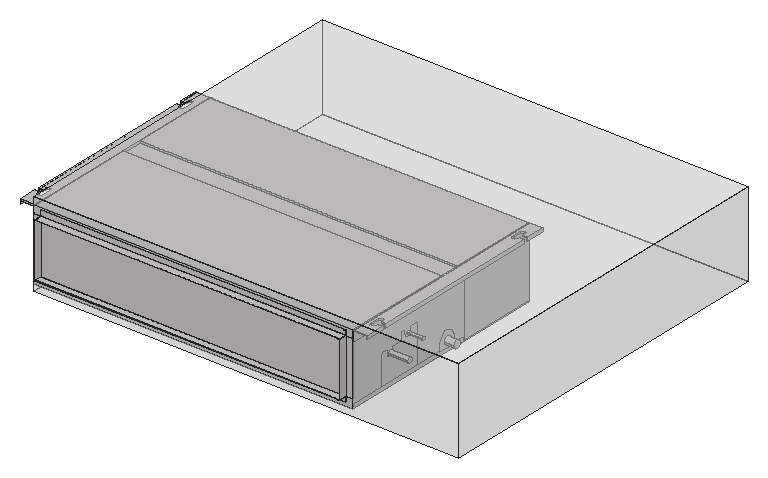
Revit family "outputfile", category 機械設備, Revit 2024
Family settings
  丸型コネクタ寸法 = 半径を使用
  パーツ タイプ = 標準
  OmniClass 番号 = 23.75.10.24.21.27.27
  OmniClass タイトル = Split System Air Conditioning Units
  作業面ベース = いいえ
  常に垂直 = はい
  ロード時にボイドで切り取り = いいえ
  注釈の向きを維持 = いいえ
  共有 = いいえ
  部屋計算ポイント = はい
Parameters (values of type "CDKS50CVMA")
  Description = ""
  書き出し IFC クラス(タイプ) = "IfcUnitaryEquipmentType"
  定義済み IFC タイプ(タイプ) = "AIRCONDITIONINGUNIT"
  Cost = 0
  Type Comments = ""
  Keynote = ""
  Type Image = (empty or 0)
  Assembly Code = ""
  switch_frequency = yes
  ld_powersupply = Depth / 2  # 310.0 mm
  製造元 = "Daikin"
  モデル = "CDKS50CVMA"
  r_Liquid Pipe Size = Liquid Pipe Size / 2  # 3.2 mm
  r_Gas Pipe Size = Gas Pipe Size / 2  # 6.35 mm
  r_Drain Pipe Size = Drain Pipe Size / 2  # 10.0 mm
  lw_powersupply = 50.0 mm  # constant formula
  lw_ductflange2 = 820.0 mm
  lw_Width = 860.0 mm
  lh_suctionflange [instance] = 100.0 mm  # constant formula
  ld_suctionflange [instance] = if(Rear Connection_Return Air, 190.0 mm, 100.0 mm)  # 190.0 mm
  connector_voltage = Voltage_50Hz  # 230 V
  connector_powerinput = [Power Input (Cooling)]  # 0.000 kW
  connector_phase = Phase_50Hz  # 1
  angle_vertical_RA [instance] = if(Rear Connection_Return Air, 90.00°, 0.00°)  # 90.00°
  angle horizontal_RA [instance] = if(Rear Connection_Return Air, 180.00°, 270.00°)  # 180.00°
  Voltage_comment_50Hz = "220 - 240"
  Voltage_50Hz = 230 V
  URL = ""
  Supply Air Direction [instance] = yes
  Sound Power Level_H speed (dB) = 0
  Rear Connection_Return Air [instance] = not(Bottom Connection_Return Air)  # yes
  RA_length [instance] = if(Rear Connection_Return Air, 190.0 mm, 100.0 mm)  # 190.0 mm
  Phase_50Hz = 1
  Minimum External Static Pressure = 0.00 Pa
  Minimum Circuit Amps_50Hz = 0.0 A
  Maximum Fuse Amps_50Hz = 0.0 A
  Maximum External Static Pressure = 40.00 Pa
  Material_Casing = DAIKIN_GalvanizedSteel_Casing_indoorunit
  lw_liquidpipe = 46.0 mm  # constant formula
  lw_gaspipe = 57.0 mm  # constant formula
  lw_mountinghole = 940.0 mm
  lw_drainpipe = 30.0 mm  # constant formula
  lh_powersupply = 150.0 mm  # constant formula
  lh_liquidpipe = 90.0 mm  # constant formula
  lh_gaspipe = 113.0 mm  # constant formula
  lh_mountinghole = Height  # 200.0 mm
  lh_drainpipe = 170.0 mm  # constant formula
  lh_antena = 1.0 mm  # constant formula
  ld_liquidpipe = 193.0 mm  # constant formula
  ld_gaspipe = 130.0 mm  # constant formula
  ld_mountinghole = 500.0 mm  # constant formula
  ld_drainpipe = 330.0 mm  # constant formula
  ld_controlbox = 626.0 mm  # constant formula
  h*** = 0.0 mm  # constant formula
  d_dischargeflange = 21.2 mm  # constant formula
  Width = 900.0 mm
  Version = "ver.1.0"
  Unit Type = "Duct (L.S.P)"
  Unit Mass Weight = 27.00 kg
  Unit Designation [instance] = ""
  Uniclass2015Version = "Products v1.30"
  Uniclass2015Title = "Split coil room air conditioning units"
  Uniclass2015Code = "Pr_70_65_03_86"
  Total Cooling Capacity [instance] = 0.000 kW
  Sound Pressure Level_M speed (dBA) = 35
  Sound Pressure Level_L speed (dBA) = 33
  Sound Pressure Level_H speed (dBA) = 37
  Series = "Multi Split_Fan Coil Unit"
  Sensible Cooling Capacity [instance] = 0.000 kW
  SA Duct Size Width = 860.0 mm
  SA Duct Size Height = 153.0 mm
  Refrigerant Type = "R410A"
  RA Duct Size Width = 780.0 mm
  RA Duct Size Height = 160.0 mm
  Power Input (Cooling) = 0.000 kW
  Option Accessory 3 [instance] = ""
  Option Accessory 2 [instance] = ""
  Option Accessory 1 [instance] = ""
  Nominal Cooling Capacity = 5.000 kW
  Minimum Airflow = 600.00 m³/h
  Median Airflow = 660.00 m³/h
  Maximum Airflow = 720.00 m³/h
  Load Classification = HVAC
  Liquid Pipe Size = 6.4 mm
  Link_Nested Family [instance] = ""
  IfcVersion = ""
  IfcExportType = "AIRCONDITIONINGUNIT"
  IfcExportAs = "IfcUnitaryEquipmentType"
  Height = 200.0 mm
  Heat Exchanger Type = "Cross Fin Coil"
  Gas Pipe Size = 12.7 mm
  Frequency_50Hz = 50 Hz
  Fan Type = "Sirocco Fan"
  Fan Drive = "Direct Drive"
  FCU Tag No. [instance] = ""
  Drain Pipe Size = 20.0 mm
  Design Supply Airflow [instance] = 0.00 m³/h
  Design Return Airflow [instance] = 0.00 m³/h
  Design External Static Pressure [instance] = 0.00 Pa
  Depth = 620.0 mm
  既定の高さ = 0.0 mm
  Cooling Entering Wet Bulb Temperature [instance] = 0.00 °C
  Cooling Entering Dry Bulb Temperature [instance] = 0.00 °C
  Cooling Ambient Wet Bulb Temperature [instance] = 0.00 °C
  Cooling Ambient Dry Bulb Temperature [instance] = 0.00 °C
  Clearance visibility [instance] = yes
  Clearance Top = 20.0 mm
  Clearance Right = 300.0 mm
  Clearance Rear = 400.0 mm
  Clearance Left = 0.0 mm
  Clearance Front = 0.0 mm
  Clearance Bottom = 20.0 mm
  Bottom Connection_Return Air [instance] = no
Reference planes
  plane 1 "Center (Front/Back)": y = 0
  plane 2: z = 0
  plane 3 "Center (Left/Right)": x = 0
  plane 4 "Back": y = 310
  plane 5 "Front": y = -310
  plane 6 "Left": x = -450
  plane 7 "Right": x = 450
  plane 8 "Top": z = 0
  plane 9 "Bottom": z = -200
  plane 10: x = -470
  plane 11: x = 470
  plane 12: y = 250
  plane 13: z = 0
  plane 14 "Clearance Left": x = -450
  plane 15 "Clearance Right": x = 750
  plane 16 "Clearance Rear": y = 710
  plane 17 "Clearance Front": y = -310
  plane 18 "Clearance Top": z = 20
  plane 19 "Clearance Bottom": z = -220
  plane 20: y = -250
  plane 21: z = -21
  plane 22: z = -97.5
  plane 23: x = -40
  plane 24: y = 120
  plane 25: z = -100
  plane 26: y = -180
  plane 27: z = -113
  plane 28: y = -117
  plane 29: z = -90
  plane 30: y = 20
  plane 31: z = -170
  plane 32: x = 507
  plane 33: x = 496
  plane 34: x = 480
  plane 35: x = 400
  plane 36: z = -150
Forms (mm)
  Extrusion 1, solid, material "DAIKIN_GalvanizedSteel_Casing_indoorunit" <- "Material_Casing"
    sketch origin (0, 0, 0) x (1, 0, 0) y (0, 1, 0)
      loop
        line (-450, -310) -> (450, -310) -> (450, 310) -> (-450, 310) -> (-450, -310)
    from -200 to 0
  Extrusion 2, void
    sketch origin (0, 0, 1) x (1, 0, 0) y (0, 1, 0)
      loop
        line (-450, 61.5) -> (-450, 3.5) -> (450, 3.5) -> (450, 61.5) -> (-450, 61.5)
    from -1 to -7
  Extrusion 3, solid, material "DAIKIN_GalvanizedSteel_Casing_indoorunit" <- "Material_Casing", visible <- "Bottom Connection_Return Air"
    sketch origin (0, 0, 0) x (1, 0, 0) y (0, 0, 1)
      loop
        line (369, -200) -> (369, -1) -> (-449, -1) -> (-449, -200) -> (369, -200)
    from -310 to -309
  Extrusion 4, solid, material "DAIKIN_GalvanizedSteel_Casing_indoorunit" <- "Material_Casing", visible <- "Rear Connection_Return Air"
    sketch origin (0, 0, 0) x (1, 0, 0) y (0, 1, 0)
      loop
        line (-449, 310) -> (-449, 111) -> (369, 111) -> (369, 310) -> (-449, 310)
    from -200 to -199
  Extrusion 5, solid, material "DAIKIN_GalvanizedSteel_Casing_indoorunit" <- "Material_Casing"
    sketch origin (450, 0, 0) x (0, 1, 0) y (0, 0, 1)
      loop
        circle (-180, -113) r 6.35
    from 0 to 57
  Extrusion 6, solid, material "DAIKIN_GalvanizedSteel_Casing_indoorunit" <- "Material_Casing"
    sketch origin (450, 0, 0) x (0, 1, 0) y (0, 0, 1)
      loop
        circle (-117, -90) r 3.2
    from 0 to 46
  Extrusion 7, solid, material "DAIKIN_GalvanizedSteel_Casing_indoorunit" <- "Material_Casing"
    sketch origin (450, 0, 0) x (0, 1, 0) y (0, 0, 1)
      loop
        circle (20, -170) r 10
    from 0 to 30
  Extrusion 8, solid, material "DAIKIN_GalvanizedSteel_Casing_indoorunit" <- "Material_Casing"
    sketch origin (450, 0, 0) x (0, 1, 0) y (0, 0, 1)
      loop
        line (-310, -200) -> (78.6, -200) -> (78.6, -193)
        arc (78.6, -193) -> (77.721, -190.879) -> (75.6, -190) r 3
        line (75.6, -190) -> (-310, -190) -> (-310, -200)
    from 0 to -1
  Extrusion 9, solid, material "DAIKIN_GalvanizedSteel_Casing_indoorunit" <- "Material_Casing"
    sketch origin (450, 0, 0) x (0, 1, 0) y (0, 0, 1)
      loop
        line (-210, -190) -> (-85.6, -190) -> (-85.6, -83)
        arc (-85.6, -83) -> (-86.479, -80.879) -> (-88.6, -80) r 3
        line (-88.6, -80) -> (-102, -80)
        arc (-102, -80) -> (-104.121, -80.879) -> (-105, -83) r 3
        line (-105, -83) -> (-105, -90)
        arc (-105, -90) -> (-117, -102) -> (-129, -90) r 12
        line (-129, -90) -> (-129, -83)
        arc (-129, -83) -> (-129.879, -80.879) -> (-132, -80) r 3
        line (-132, -80) -> (-136.1, -80)
        arc (-136.1, -80) -> (-138.221, -80.879) -> (-139.1, -83) r 3
        line (-139.1, -83) -> (-139.1, -102.7) -> (-165, -102.7)
        arc (-165, -102.7) -> (-167.121, -103.579) -> (-168, -105.7) r 3
        line (-168, -105.7) -> (-168, -113)
        arc (-168, -113) -> (-180, -125) -> (-192, -113) r 12
        line (-192, -113) -> (-192, -105.7)
        arc (-192, -105.7) -> (-192.879, -103.579) -> (-195, -102.7) r 3
        line (-195, -102.7) -> (-207, -102.7)
        arc (-207, -102.7) -> (-209.121, -103.579) -> (-210, -105.7) r 3
        line (-210, -105.7) -> (-210, -190)
    from 0 to -1
  Extrusion 10, solid, material "DAIKIN_GalvanizedSteel_Casing_indoorunit" <- "Material_Casing"
    sketch origin (450, 0, 0) x (0, 1, 0) y (0, 0, 1)
      loop
        arc (44.5, -170) -> (20, -145.5) -> (-4.5, -170) r 24.5
        line (-4.5, -170) -> (-4.5, -190) -> (44.5, -190) -> (44.5, -170)
    from 0 to -1
  Extrusion 11, solid, material "DAIKIN_GalvanizedSteel_Casing_indoorunit" <- "Material_Casing"
    sketch origin (450, 0, 0) x (0, 1, 0) y (0, 0, 1)
      loop
        arc (86.6, -22) -> (84.479, -22.879) -> (83.6, -25) r 3
        line (83.6, -25) -> (83.6, -194.5)
        arc (83.6, -194.5) -> (84.479, -196.621) -> (86.6, -197.5) r 3
        line (86.6, -197.5) -> (307, -197.5)
        arc (307, -197.5) -> (309.121, -196.621) -> (310, -194.5) r 3
        line (310, -194.5) -> (310, -25)
        arc (310, -25) -> (309.121, -22.879) -> (307, -22) r 3
        line (307, -22) -> (86.6, -22)
    from 0 to -1
Cuts and joins
  Extrusion 2 cuts Extrusion 1
Dimensions and locks
  "Height": plane 8 "Top" to plane 9 "Bottom"
  equal spacing: plane 10, plane 3 "Center (Left/Right)", plane 11
  "lw_mountinghole": plane 10 to plane 11
  equal spacing: plane 6 "Left", plane 3 "Center (Left/Right)", plane 7 "Right"
  "Width": plane 6 "Left" to plane 7 "Right"
  "Clearance Right": plane 7 "Right" to plane 15 "Clearance Right"
  "Clearance Left": plane 14 "Clearance Left" to plane 6 "Left"
  "Clearance Rear": plane 16 "Clearance Rear" to plane 4 "Back"
  "Clearance Front": plane 5 "Front" to plane 17 "Clearance Front"
  "Clearance Top": plane 18 "Clearance Top" to plane 8 "Top"
  "Clearance Bottom": plane 9 "Bottom" to plane 19 "Clearance Bottom"
  "Depth": plane 4 "Back" to plane 5 "Front"
  equal spacing: plane 4 "Back", plane 1 "Center (Front/Back)", plane 5 "Front"
  Extrusion 3 sketch curve to Extrusion 3 sketch curve = 199.0 mm
  locked: plane 20 to plane 5 "Front" at 60
  "ld_mountinghole": plane 12 to plane 20
  locked: plane 8 "Top" to plane 21 at 21
  locked: plane 23 to plane 3 "Center (Left/Right)" at 40
  "ld_suctionflange": plane 4 "Back" to plane 24
  "lh_suctionflange": plane 8 "Top" to plane 25
  "ld_gaspipe": plane 26 to plane 5 "Front"
  "lh_gaspipe": plane 8 "Top" to plane 27
  "ld_liquidpipe": plane 28 to plane 5 "Front"
  "lh_liquidpipe": plane 8 "Top" to plane 29
  "ld_drainpipe": plane 30 to plane 5 "Front"
  "lh_drainpipe": plane 8 "Top" to plane 31
  "lw_gaspipe": plane 7 "Right" to plane 32
  "lw_liquidpipe": plane 7 "Right" to plane 33
  "lw_drainpipe": plane 7 "Right" to plane 34
  "lw_powersupply": plane 35 to plane 7 "Right"
  "lh_powersupply": plane 8 "Top" to plane 36
  "r_Gas Pipe Size": radius of Extrusion 5 sketch curve
  "r_Liquid Pipe Size": radius of Extrusion 6 sketch curve
  "r_Drain Pipe Size": radius of Extrusion 7 sketch curve
  aligned and locked: level to plane 2
  aligned and locked: Extrusion 1 to plane 9 "Bottom"
  aligned and locked: plane 8 "Top" to Extrusion 1
  aligned and locked: plane 11 to nested 2
  aligned and locked: plane 10 to nested 3
  aligned and locked: plane 10 to nested 4
  aligned and locked: plane 8 "Top" to Extrusion 2
  aligned and locked: plane 9 "Bottom" to Extrusion 4  (x2)
  aligned and locked: plane 7 "Right" to cut or joined group of Extrusion 1, Extrusion 2  (x2)
  aligned and locked: plane 3 "Center (Left/Right)" to nested 9
  aligned and locked: plane 6 "Left" to nested 7
  aligned and locked: plane 8 "Top" to nested 9
  aligned and locked: plane 11 to nested 1
  aligned and locked: nested 6 to plane 1 "Center (Front/Back)"
  aligned and locked: plane 3 "Center (Left/Right)" to nested 6
  aligned and locked: level to plane 8 "Top"
  aligned and locked: plane 1 "Center (Front/Back)" to nested 9
  aligned and locked: plane 5 "Front" to nested 10
  aligned and locked: Extrusion 1 sketch curve to plane 5 "Front"
  aligned and locked: plane 21 to nested 10
  aligned and locked: nested 5 to plane 5 "Front"
  aligned and locked: plane 3 "Center (Left/Right)" to nested 5
  aligned and locked: plane 22 to nested 5
  aligned and locked: Extrusion 2 sketch curve to plane 6 "Left"
  aligned and locked: plane 7 "Right" to Extrusion 2 sketch curve
  aligned and locked: nested 11 to plane 23
  aligned and locked: nested 11 to plane 24
  aligned and locked: plane 27 to Extrusion 5 sketch curve
  aligned and locked: plane 26 to Extrusion 5 sketch curve
  aligned and locked: plane 28 to Extrusion 6 sketch curve
  aligned and locked: plane 29 to Extrusion 6 sketch curve
  aligned and locked: plane 31 to Extrusion 7 sketch curve
  aligned and locked: plane 30 to Extrusion 7 sketch curve
  aligned and locked: plane 26 to nested 12
  aligned and locked: nested 12 to plane 27
  aligned and locked: plane 32 to Extrusion 5
  aligned and locked: plane 32 to nested 12
  aligned and locked: plane 33 to Extrusion 6
  aligned and locked: plane 28 to nested 13
  aligned and locked: nested 13 to plane 29
  aligned and locked: plane 33 to nested 13
  aligned and locked: plane 34 to Extrusion 7
  aligned and locked: plane 30 to nested 14
  aligned and locked: nested 14 to plane 31
  aligned and locked: plane 34 to nested 14
  aligned and locked: Extrusion 8 sketch curve to plane 9 "Bottom"
  aligned and locked: Extrusion 8 sketch curve to plane 5 "Front"
  aligned and locked: plane 14 "Clearance Left" to nested 15
  aligned and locked: plane 15 "Clearance Right" to nested 15
  aligned and locked: plane 16 "Clearance Rear" to nested 15
  aligned and locked: nested 15 to plane 17 "Clearance Front"
  aligned and locked: nested 15 to plane 18 "Clearance Top"
  aligned and locked: nested 15 to plane 19 "Clearance Bottom"
  aligned and locked: nested 16 to plane 35
  aligned and locked: nested 16 to plane 36
  aligned and locked: plane 4 "Back" to nested 16
Automatic sketch dimensions
  Extrusion 1 sketch curve to plane 4 "Back" = 0.0 mm
  Extrusion 1 sketch curve to plane 6 "Left" = 0.0 mm
  Extrusion 1 sketch curve to plane 7 "Right" = 0.0 mm
  Extrusion 4 sketch curve to plane 4 "Back" = 0.0 mm
  plane 6 "Left" to Extrusion 3 sketch curve = 1.0 mm
  plane 6 "Left" to Extrusion 4 sketch curve = 1.0 mm
  Extrusion 4 sketch curve to plane 1 "Center (Front/Back)" = 111.0 mm
  Extrusion 3 sketch curve to plane 9 "Bottom" = 0.0 mm
  Extrusion 3 sketch curve to plane 7 "Right" = 81.0 mm
  Extrusion 4 sketch curve to plane 7 "Right" = 81.0 mm
  Extrusion 2 sketch curve to plane 1 "Center (Front/Back)" = 3.5 mm
  Extrusion 2 sketch curve to Extrusion 2 sketch curve = 58.0 mm
  plane 9 "Bottom" to Extrusion 8 sketch curve = 7.0 mm
  Extrusion 8 sketch curve to plane 24 = 44.4 mm
  Extrusion 8 sketch curve to Extrusion 8 sketch curve = 3.0 mm
  Extrusion 9 sketch curve to plane 27 = 0.0 mm
  Extrusion 9 sketch curve to plane 26 = 0.0 mm
  Extrusion 9 sketch curve to plane 29 = 0.0 mm
  Extrusion 9 sketch curve to plane 28 = 0.0 mm
  Extrusion 9 sketch curve to plane 26 = 12.0 mm
  Extrusion 9 sketch curve to plane 25 = 2.7 mm  (x2)
  Extrusion 9 sketch curve to Extrusion 9 sketch curve = 3.0 mm  (x6)
  Extrusion 9 sketch curve to Extrusion 9 sketch curve = 12.0 mm
  plane 9 "Bottom" to Extrusion 9 sketch curve = 10.0 mm
  Extrusion 9 sketch curve to plane 26 = 30.0 mm
  Extrusion 9 sketch curve to plane 28 = 22.1 mm
  Extrusion 9 sketch curve to Extrusion 9 sketch curve = 4.1 mm
  plane 29 to Extrusion 9 sketch curve = 7.0 mm  (x2)
  Extrusion 9 sketch curve to Extrusion 9 sketch curve = 13.4 mm
  Extrusion 10 sketch curve to plane 30 = 0.0 mm
  Extrusion 10 sketch curve to plane 31 = 0.0 mm
  plane 1 "Center (Front/Back)" to Extrusion 10 sketch curve = 4.5 mm
  plane 9 "Bottom" to Extrusion 10 sketch curve = 10.0 mm
  Extrusion 11 sketch curve to plane 4 "Back" = 0.0 mm
  Extrusion 11 sketch curve to Extrusion 11 sketch curve = 3.0 mm  (x3)
  Extrusion 11 sketch curve to plane 21 = 1.0 mm
  Extrusion 11 sketch curve to plane 21 = 4.0 mm
  Extrusion 11 sketch curve to plane 24 = 33.4 mm
  plane 9 "Bottom" to Extrusion 11 sketch curve = 5.5 mm
Nested families
  nested 1: "daikin_mountinghole" at (470, 250, -200), l_antenna <- "lh_antena", Link_Nested Family <- "Link_Nested Family", h_mountinghole <- "lh_mountinghole", type "daikin_mountinghole"
    with show yes, l_antenna 1.0 mm, h_mountinghole 200.0 mm, Link_Nested Family ""
  nested 2: "daikin_mountinghole" at (470, -250, -200), Link_Nested Family <- "Link_Nested Family", l_antenna <- "lh_antena", h_mountinghole <- "lh_mountinghole", type "daikin_mountinghole"
    with show yes, l_antenna 1.0 mm, h_mountinghole 200.0 mm, Link_Nested Family ""
  nested 3: "daikin_mountinghole" at (-470, -250, -200), l_antenna <- "lh_antena", Link_Nested Family <- "Link_Nested Family", h_mountinghole <- "lh_mountinghole", type "daikin_mountinghole"
    with show yes, l_antenna 1.0 mm, h_mountinghole 200.0 mm, Link_Nested Family ""
  nested 4: "daikin_mountinghole" at (-470, 250, -200), l_antenna <- "lh_antena", Link_Nested Family <- "Link_Nested Family", h_mountinghole <- "lh_mountinghole", type "daikin_mountinghole"
    with show yes, l_antenna 1.0 mm, h_mountinghole 200.0 mm, Link_Nested Family ""
  nested 5: "daikin_connector_rotate2" at (0, -310, -97.5), length <- "d_dischargeflange", type "daikin_connector_rotate2"
    with radius 10.0 mm, length 21.2 mm, angle_vertical 90.00°, show_face no
  nested 6: "daikin_△_symbolicline" at (-75, -129.904, 200) x (-0.5, 0.866, 0) z (0, 0, 1), built-in parameter 1001364 <- "Height", visible <- "Supply Air Direction", type "daikin_△_symbolicline"
    with length 300.0 mm
  nested 7: "daikin_ductflange_CDKS-CVMA1" at (-40, 310, -100), visible <- "Rear Connection_Return Air", material <- "Material_Casing", width <- "lw_ductflange2", type "daikin_ductflange_CDKS-CVMA1"
    with width 820.0 mm, material DAIKIN_GalvanizedSteel_Casing_indoorunit, height 180.0 mm, depth 21.2 mm
  nested 8: "daikin_ductflange_CDKS-CVMA1" at (-40, 210, -200) x (1, 0, 0) z (0, 1, 0), visible <- "Bottom Connection_Return Air", material <- "Material_Casing", width <- "lw_ductflange2", type "daikin_ductflange_CDKS-CVMA1"
    with width 820.0 mm, material DAIKIN_GalvanizedSteel_Casing_indoorunit, height 180.0 mm, depth 21.2 mm
  nested 9: "daikin_hangerfixture_CDKS-CVMA" at (0, 0, 0), type "daikin_hangerfixture_CDKS-CVMA"
    with width 900.0 mm
  nested 10: "daikin_ductflange_CDKS-CVMA" at (0, 3.5, -364.201), width <- "lw_Width", material <- "Material_Casing", type "daikin_ductflange_CDKS-CVMA"
    with width 860.0 mm, material DAIKIN_GalvanizedSteel_Casing_indoorunit, height 155.0 mm, depth 21.2 mm
  nested 11: "daikin_connector_rotate3" at (-40, 120, -100), length <- "RA_length", angle_vertical <- "angle_vertical_RA", angle_horizontal <- "angle horizontal_RA", type "daikin_connector_rotate3"
    with show no, radius 10.0 mm, length 190.0 mm, angle_vertical 90.00°, angle_horizontal 180.00°
  nested 12: "daikin_connector_rotate2" at (450, -180, -113) x (0, 1, 0) z (0, 0, 1), length <- "lw_gaspipe", radius <- "r_Gas Pipe Size", type "daikin_connector_rotate2"
    with radius 6.35 mm, length 57.0 mm, angle_vertical 90.00°, show_face no
  nested 13: "daikin_connector_rotate2" at (450, -117, -90) x (0, 1, 0) z (0, 0, 1), radius <- "r_Liquid Pipe Size", length <- "lw_liquidpipe", type "daikin_connector_rotate2"
    with radius 3.2 mm, length 46.0 mm, angle_vertical 90.00°, show_face no
  nested 14: "daikin_connector_rotate2" at (450, 20, -170) x (0, 1, 0) z (0, 0, 1), radius <- "r_Drain Pipe Size", length <- "lw_drainpipe", type "daikin_connector_rotate2"
    with radius 10.0 mm, length 30.0 mm, angle_vertical 90.00°, show_face no
  nested 15: "daikin_clearancespace" at (150, 200, -99.881), visible <- "Clearance visibility", Link_Nested Family <- "Link_Nested Family", show <- "Clearance visibility", type "daikin_clearancespace"
    with width 1200.0 mm, show yes, height 240.0 mm, depth 1020.0 mm, Link_Nested Family ""
  nested 16: "daikin_connector_rotate2" at (400, 0, -150) x (-1, 0, 0) z (0, 0, 1), length <- "ld_powersupply", type "daikin_connector_rotate2"
    with radius 10.0 mm, length 310.0 mm, angle_vertical 90.00°, show_face no
Connectors
  hvac at (0, -331.2, -97.5), driven by "SA Duct Size Height", driven by "SA Duct Size Width"
    settings: on nested 5, index 1, duct flow 0.00 m³/h, flow factor 0, pres drop 0.00 Pa, loss coef 0, conn angle 0.00°, conn width 860.0 mm, conn height 153.0 mm, conn diameter 609.6 mm, duct sys type 1, conn prof type 1, flow config 0, flow direction 2, loss method 4, conn ref index -1, conn util no, is conn primary yes, conn desc "SA Duct"
  hvac at (-40, 310, -100), driven by "RA Duct Size Height", driven by "RA Duct Size Width"
    settings: on nested 11, index 2, duct flow 0.00 m³/h, flow factor 0, pres drop 0.00 Pa, loss coef 0, conn angle 0.00°, conn width 780.0 mm, conn height 160.0 mm, conn diameter 609.6 mm, duct sys type 2, conn prof type 1, flow config 0, flow direction 1, loss method 4, conn ref index -1, conn util no, is conn primary no, conn desc "RA Duct"
  piping at (507, -180, -113), diameter 12.7, driven by "r_Gas Pipe Size"
    settings: on nested 12, index 3, connector inside diameter 609.6 mm, connector length 0.0 mm, flow factor 0, pipe flow 0.00 m³/h, pressure drop 0.0 Pa, fitting loss kfactor 0, connector angle 0.00°, fixture units 0, engagement length 0.0 mm, angle of deflection 0.00°, flow configuration 1, flow direction 2, fitting loss method 0, system type 29, joint type 0, gender type 0, connector reference index -1, connector utility 0, adjustable connector no, is connector primary yes, connector description "Refrigerant Gas Piping"
  piping at (496, -117, -90), diameter 6.4, driven by "r_Liquid Pipe Size"
    settings: on nested 13, index 4, connector inside diameter 609.6 mm, connector length 0.0 mm, flow factor 0, pipe flow 0.00 m³/h, pressure drop 0.0 Pa, fitting loss kfactor 0, connector angle 0.00°, fixture units 0, engagement length 0.0 mm, angle of deflection 0.00°, flow configuration 1, flow direction 1, fitting loss method 0, system type 29, joint type 0, gender type 0, connector reference index -1, connector utility 0, adjustable connector no, is connector primary no, connector description "Refrigerant Liquid Piping"
  piping at (480, 20, -170), diameter 20, driven by "r_Drain Pipe Size"
    settings: on nested 14, index 5, connector inside diameter 609.6 mm, connector length 0.0 mm, flow factor 0, pipe flow 0.00 m³/h, pressure drop 0.0 Pa, fitting loss kfactor 0, connector angle 0.00°, fixture units 0, engagement length 0.0 mm, angle of deflection 0.00°, flow configuration 1, flow direction 2, fitting loss method 4, system type 16, joint type 0, gender type 0, connector reference index -1, connector utility 0, adjustable connector no, is connector primary no, connector description "Condensate Drain Piping"
  electrical at (400, 310, -150), driven by "Load Classification", driven by "connector_powerinput", driven by "connector_phase", driven by "connector_voltage"
    settings: on nested 16, index 6, voltage 230 V, apparent load 0 VA, apparent load phase1 0 VA, apparent load phase2 0 VA, apparent load phase3 0 VA, power factor 1, load classification "HVAC", number of poles 1, system type 30, power factor state 1, is connector primary yes, connector utility no, sub classification motor no, connector description "Power Supply"
Definition of nested family "daikin_ductflange_CDKS-CVMA1"
  Parameters (values of type "daikin_ductflange_CDKS-CVMA1")
    width [instance] = 620.0 mm
    material [instance] = none
    height [instance] = 180.0 mm
    depth [instance] = 21.2 mm
    Default Elevation = 0.0 mm
  Reference planes
    plane 1 "Center (Front/Back)": y = 0
    plane 2: z = 0
    plane 3 "Center (Left/Right)": x = 0
    plane 4: x = -310
    plane 5: x = 310
    plane 6: z = 90
    plane 7: z = -90
    plane 8: z = 100
    plane 9: z = -100
    plane 10: x = -309
    plane 11: x = 309
  Forms (mm)
    Extrusion 1, solid, material <- "material"
      sketch origin (0, 0, 0) x (1, 0, 0) y (0, 0, 1)
        loop
          line (-290, 80) -> (-290, -80) -> (290, -80) -> (290, 80) -> (-290, 80)
        loop
          line (-309, -99) -> (309, -99) -> (309, 99) -> (-309, 99) -> (-309, -99)
      from 0 to 1
  Dimensions and locks
    equal spacing: plane 5, plane 3 "Center (Left/Right)", plane 4, locked at 310 each
    "width": plane 5 to plane 4
    equal spacing: plane 6, level, plane 7, locked at 90 each
    "height": plane 6 to plane 7
    equal spacing: plane 8, level, plane 9, locked at 100 each
    locked: plane 8 to plane 9 at 200
    plane 10 to plane 4 = 1.0 mm
    locked: plane 5 to plane 11 at 1
    locked: Extrusion 1 sketch curve to Extrusion 1 sketch curve at 19  (x4)
    locked: plane 8 to Extrusion 1 sketch curve at 1
    locked: Extrusion 1 sketch curve to plane 9 at 1
    aligned and locked: level to plane 2
  Automatic sketch dimensions
    plane 4 to Extrusion 1 sketch curve = 1.0 mm
    Extrusion 1 sketch curve to plane 5 = 1.0 mm
Definition of nested family "daikin_hangerfixture_CDKS-CVMA"
  Parameters (values of type "daikin_hangerfixture_CDKS-EAVMA")
    width = 700.0 mm
    material = none
    height = 30.0 mm
    depth = 618.0 mm
    Default Elevation = 0.0 mm
  Reference planes
    plane 1 "Center (Front/Back)": y = 0
    plane 2: z = 0
    plane 3 "Center (Left/Right)": x = 0
    plane 4: x = 350
    plane 5: y = 309
    plane 6: y = -309
    plane 7: x = -350
    plane 8: z = -30
  Forms (mm)
    Extrusion 1, solid, material <- "material"
      sketch origin (0, 0, 0) x (1, 0, 0) y (0, 0, 1)
        loop
          line (350, 0) -> (350, -30) -> (352.3, -30) -> (352.3, -2.3) -> (387.7, -2.3) -> (387.7, -10) -> (390, -10) -> (390, 0) -> (350, 0)
      from -309 to 309
    Extrusion 2, void
      sketch origin (0, 0, 0) x (0, 1, 0) y (0, 0, 1)
        loop
          line (309, -30) -> (309, -17.979) -> (87.935, -17.979) -> (75.914, -30) -> (309, -30)
      from 0 to 450
    Extrusion 3, void
      sketch origin (0, 0, 0) x (1, 0, 0) y (0, 1, 0)
        loop
          line (390, -243.5) -> (377, -243.5) -> (377, -237)
          arc (377, -237) -> (370, -230) -> (363, -237) r 7
          line (363, -237) -> (363, -263)
          arc (363, -263) -> (370, -270) -> (377, -263) r 7
          line (377, -263) -> (377, -256.5) -> (390, -256.5) -> (390, -243.5)
        loop
          line (390, 243.5) -> (390, 256.5) -> (377, 256.5) -> (377, 263)
          arc (377, 263) -> (370, 270) -> (363, 263) r 7
          line (363, 263) -> (363, 237)
          arc (363, 237) -> (370, 230) -> (377, 237) r 7
          line (377, 237) -> (377, 243.5) -> (390, 243.5)
      from -254.96 to 618
    Extrusion 4, solid, material <- "material"
      sketch origin (0, 0, 0) x (-1, 0, 0) y (0, 0, -1)
        loop
          line (350, 0) -> (390, 0) -> (390, 10) -> (387.7, 10) -> (387.7, 2.3) -> (352.3, 2.3) -> (352.3, 30) -> (350, 30) -> (350, 0)
      from -309 to 309
    Extrusion 5, void
      sketch origin (0, 0, 0) x (-1, 0, 0) y (0, -1, 0)
        loop
          line (390, 243.5) -> (390, 256.5) -> (377, 256.5) -> (377, 263)
          arc (377, 263) -> (370, 270) -> (363, 263) r 7
          line (363, 263) -> (363, 237)
          arc (363, 237) -> (370, 230) -> (377, 237) r 7
          line (377, 237) -> (377, 243.5) -> (390, 243.5)
        loop
          line (390, -243.5) -> (377, -243.5) -> (377, -237)
          arc (377, -237) -> (370, -230) -> (363, -237) r 7
          line (363, -237) -> (363, -263)
          arc (363, -263) -> (370, -270) -> (377, -263) r 7
          line (377, -263) -> (377, -256.5) -> (390, -256.5) -> (390, -243.5)
      from -254.96 to 618
  Cuts and joins
    Extrusion 2, Extrusion 3, Extrusion 5 cuts Extrusion 1
    Extrusion 5 cuts Extrusion 4
  Dimensions and locks
    equal spacing: plane 5, plane 1 "Center (Front/Back)", plane 6
    "depth": plane 5 to plane 6
    plane 6 to plane 1 "Center (Front/Back)" to plane 5 = 309.0 mm, 309.0 mm
    equal spacing: plane 4, plane 3 "Center (Left/Right)", plane 7
    "width": plane 4 to plane 7
    "height": level to plane 8
    aligned and locked: level to plane 2
    aligned and locked: plane 5 to Extrusion 1
    aligned and locked: Extrusion 1 to plane 6
    aligned and locked: Extrusion 1 to plane 4
    aligned and locked: plane 5 to cut or joined group of Extrusion 1, Extrusion 2, Extrusion 3, Extrusion 5
    aligned and locked: cut or joined group of Extrusion 1, Extrusion 2, Extrusion 3, Extrusion 5 to plane 6
    aligned and locked: level to cut or joined group of Extrusion 1, Extrusion 2, Extrusion 3, Extrusion 5
    aligned and locked: cut or joined group of Extrusion 1, Extrusion 2, Extrusion 3, Extrusion 5 to plane 8
    aligned and locked: plane 5 to cut or joined group of Extrusion 4, Extrusion 5
    aligned and locked: cut or joined group of Extrusion 4, Extrusion 5 to plane 6
  Automatic sketch dimensions
    Extrusion 1 sketch curve to plane 4 = 0.0 mm
    Extrusion 1 sketch curve to plane 8 = 0.0 mm
    Extrusion 1 sketch curve to level = 0.0 mm
    plane 4 to Extrusion 1 sketch curve = 2.3 mm
    Extrusion 1 sketch curve to level = 2.3 mm
    Extrusion 1 sketch curve to Extrusion 1 sketch curve = 35.4 mm
    Extrusion 1 sketch curve to Extrusion 1 sketch curve = 2.3 mm
    Extrusion 1 sketch curve to Extrusion 1 sketch curve = 7.7 mm
    Extrusion 2 sketch curve to plane 8 = 0.0 mm
    Extrusion 2 sketch curve to plane 5 = 0.0 mm
    plane 8 to Extrusion 2 sketch curve = 12.021 mm
    Extrusion 2 sketch curve to plane 1 "Center (Front/Back)" = 87.935 mm
    Extrusion 2 sketch curve to Extrusion 2 sketch curve = 12.021 mm
    plane 4 to Extrusion 3 sketch curve = 13.0 mm  (x2)
    Extrusion 3 sketch curve to Extrusion 3 sketch curve = 7.0 mm  (x4)
    Extrusion 3 sketch curve to Extrusion 3 sketch curve = 13.0 mm  (x4)
    plane 6 to Extrusion 3 sketch curve = 46.0 mm
    Extrusion 3 sketch curve to Extrusion 3 sketch curve = 6.5 mm  (x4)
    Extrusion 3 sketch curve to plane 5 = 72.0 mm
    Extrusion 4 sketch curve to plane 7 = 0.0 mm
    Extrusion 4 sketch curve to plane 8 = 0.0 mm
    Extrusion 4 sketch curve to level = 0.0 mm
    Extrusion 4 sketch curve to plane 7 = 2.3 mm
    Extrusion 4 sketch curve to level = 2.3 mm
    Extrusion 4 sketch curve to Extrusion 4 sketch curve = 35.4 mm
    Extrusion 4 sketch curve to Extrusion 4 sketch curve = 2.3 mm
    Extrusion 4 sketch curve to Extrusion 4 sketch curve = 7.7 mm
    Extrusion 5 sketch curve to plane 7 = 13.0 mm  (x2)
    Extrusion 5 sketch curve to Extrusion 5 sketch curve = 7.0 mm  (x4)
    Extrusion 5 sketch curve to Extrusion 5 sketch curve = 13.0 mm  (x4)
    Extrusion 5 sketch curve to plane 5 = 46.0 mm
    Extrusion 5 sketch curve to Extrusion 5 sketch curve = 6.5 mm  (x4)
    plane 6 to Extrusion 5 sketch curve = 72.0 mm
Definition of nested family "daikin_ductflange_CDKS-CVMA"
  Parameters (values of type "daikin_ductflange_FXDQ-NDVET")
    width [instance] = 660.0 mm
    material [instance] = none
    height [instance] = 155.0 mm
    depth [instance] = 21.2 mm
    Default Elevation = 0.0 mm
  Reference planes
    plane 1 "Center (Front/Back)": y = 0
    plane 2: z = 189.201
    plane 3 "Center (Left/Right)": x = 0
    plane 4: y = -313.5
    plane 5: x = -330
    plane 6: x = 330
    plane 7: y = -334.7
    plane 8: z = 344.201
    plane 9: z = 266.701
    plane 10: z = 343.201
    plane 11: z = 190.201
  Forms (mm)
    Extrusion 1, solid, material <- "material"
      sketch origin (0, 0, 189.201) x (1, 0, 0) y (0, 1, 0)
        loop
          line (-330, -334.7) -> (-330, -313.5) -> (-350, -313.5) -> (-350, -314.5) -> (-331, -314.5) -> (-331, -334.7) -> (-330, -334.7)
        loop
          line (330, -334.7) -> (331, -334.7) -> (331, -314.5) -> (350, -314.5) -> (350, -313.5) -> (330, -313.5) -> (330, -334.7)
      from 1 to 154
    Extrusion 2, solid, material <- "material"
      sketch origin (0, 0, 0) x (0, 1, 0) y (0, 0, 1)
        loop
          line (-313.5, 343.201) -> (-313.5, 358.201) -> (-314.5, 358.201) -> (-314.5, 344.201) -> (-334.7, 344.201) -> (-334.7, 343.201) -> (-313.5, 343.201)
        loop
          line (-313.5, 190.201) -> (-334.7, 190.201) -> (-334.7, 189.201) -> (-314.5, 189.201) -> (-314.5, 175.201) -> (-313.5, 175.201) -> (-313.5, 190.201)
      from -330 to 330
  Dimensions and locks
    plane 4 to plane 1 "Center (Front/Back)" = 313.5 mm
    "depth": plane 7 to plane 4
    equal spacing: plane 8, plane 9, level
    "height": plane 8 to level
    equal spacing: plane 6, plane 3 "Center (Left/Right)", plane 5
    "width": plane 6 to plane 5
    locked: plane 8 to plane 10 at 1
    locked: plane 11 to level at 1
    locked: Extrusion 1 to Extrusion 2 sketch curve at 1
    locked: Extrusion 2 sketch curve to Extrusion 1 at 1
    plane 10 to plane 11 = 153.0 mm
    aligned and locked: level to plane 2
    aligned and locked: Extrusion 2 to plane 5
    aligned and locked: Extrusion 2 to plane 11
    aligned and locked: Extrusion 2 to plane 10
    aligned and locked: plane 6 to Extrusion 2
    aligned and locked: plane 5 to Extrusion 2  (x2)
    aligned and locked: plane 5 to Extrusion 1  (x2)
    aligned and locked: Extrusion 1 to plane 6
    aligned and locked: plane 6 to Extrusion 1
    aligned and locked: Extrusion 1 to plane 10
  Automatic sketch dimensions
    Extrusion 2 sketch curve to plane 7 = 0.0 mm  (x2)
    Extrusion 2 sketch curve to plane 4 = 0.0 mm  (x2)
    Extrusion 2 sketch curve to plane 11 = 0.0 mm
    Extrusion 2 sketch curve to plane 10 = 0.0 mm
    Extrusion 2 sketch curve to plane 4 = 1.0 mm  (x2)
    Extrusion 2 sketch curve to level = 14.0 mm
    plane 8 to Extrusion 2 sketch curve = 14.0 mm
    Extrusion 1 sketch curve to plane 4 = 0.0 mm  (x2)
    Extrusion 1 sketch curve to plane 7 = 0.0 mm  (x2)
    Extrusion 1 sketch curve to plane 5 = 0.0 mm
    Extrusion 1 sketch curve to plane 6 = 0.0 mm
    Extrusion 1 sketch curve to plane 5 = 1.0 mm
    Extrusion 1 sketch curve to Extrusion 1 sketch curve = 19.0 mm  (x2)
    Extrusion 1 sketch curve to Extrusion 1 sketch curve = 1.0 mm
    Extrusion 1 sketch curve to plane 4 = 1.0 mm  (x2)
Definition of nested family "daikin_clearancespace"
  Parameters (values of type "daikin_clearancespace")
    Description = "daikin_clearancespace"
    width [instance] = 1823.963 mm
    show [instance] = yes
    material = none
    height [instance] = 1359.762 mm
    depth [instance] = 880.0 mm
    Default Elevation = 0.0 mm
    Link_Nested Family [instance] = ""
  Reference planes
    plane 1 "Center (Front/Back)": y = 0
    plane 2 "Center (Elevation)": z = -0.119
    plane 3 "Center (Left/Right)": x = 0
    plane 4: y = 440
    plane 5: y = -440
    plane 6 "Right": x = 911.982
    plane 7 "Left": x = -911.982
    plane 8 "Top": z = 679.762
    plane 9 "Bottom": z = -680
  Forms (mm)
    Extrusion 1, solid, material <- "material", visible <- "show"
      sketch origin (0, 0, 0) x (1, 0, 0) y (0, 1, 0)
        loop
          line (-911.982, 440) -> (-911.982, -440) -> (911.982, -440) -> (911.982, 440) -> (-911.982, 440)
      from -680 to 679.762
  Lines and regions (mm)
    symbolic lines, visible <- "show"
      curve 1: line (911.982, 440, 0) -> (-911.982, 440, 0)
      curve 2: line (-911.982, 440, 0) -> (-911.982, -440, 0)
      curve 3: line (-911.982, -440, 0) -> (911.982, -440, 0)
      curve 4: line (911.982, -440, 0) -> (911.982, 440, 0)
      curve 5: line (911.982, 0, 679.762) -> (-911.982, 0, 679.762)
      curve 6: line (911.982, 0, -680) -> (911.982, 0, 679.762)
      curve 7: line (-911.982, 0, -680) -> (911.982, 0, -680)
      curve 8: line (-911.982, 0, 679.762) -> (-911.982, 0, -680)
      curve 9: line (0, 440, 679.762) -> (0, -440, 679.762)
      curve 10: line (0, -440, 679.762) -> (0, -440, -680)
      curve 11: line (0, 440, -680) -> (0, 440, 679.762)
      curve 12: line (0, -440, -680) -> (0, 440, -680)
  Dimensions and locks
    "width": plane 7 "Left" to plane 6 "Right"
    "depth": plane 4 to plane 5
    "height": plane 8 "Top" to plane 9 "Bottom"
    equal spacing: plane 7 "Left", plane 3 "Center (Left/Right)", plane 6 "Right"
    equal spacing: plane 4, plane 1 "Center (Front/Back)", plane 5
    equal spacing: plane 8 "Top", plane 2 "Center (Elevation)", plane 9 "Bottom"
    aligned and locked: level to plane 2 "Center (Elevation)"
    aligned and locked: Extrusion 1 sketch curve to plane 4
    aligned and locked: plane 7 "Left" to Extrusion 1 sketch curve
    aligned and locked: Extrusion 1 sketch curve to plane 5
    aligned and locked: Extrusion 1 sketch curve to plane 6 "Right"
    aligned and locked: plane 8 "Top" to Extrusion 1
    aligned and locked: curve 1 to Extrusion 1
    aligned and locked: curve 2 to Extrusion 1
    aligned and locked: curve 3 to Extrusion 1
    aligned and locked: curve 4 to Extrusion 1
    aligned and locked: curve 5 to Extrusion 1
    aligned and locked: curve 6 to Extrusion 1
    aligned and locked: curve 7 to Extrusion 1
    aligned and locked: curve 8 to Extrusion 1
    aligned and locked: curve 9 to Extrusion 1
    aligned and locked: curve 10 to Extrusion 1
    aligned and locked: curve 11 to Extrusion 1
    aligned and locked: curve 12 to Extrusion 1
    aligned and locked: Extrusion 1 to plane 9 "Bottom"
Definition of nested family "daikin_mountinghole"
  Parameters (values of type "daikin_mountinghole")
    Default Elevation = 1219.2 mm
    Type Comments = "mountinghole"
    show [instance] = yes
    material = none
    l_centerline = 100.0 mm
    l_antenna [instance] = 100.0 mm
    h_mountinghole [instance] = 0.0 mm
    d_circle = 30.0 mm
    Link_Nested Family [instance] = ""
  Reference planes
    plane 1 "Center (Front/Back)": y = 0
    plane 2: z = 0
    plane 3 "Center (Left/Right)": x = 0
    plane 4: y = 50
    plane 5: x = -50
    plane 6: x = 50
    plane 7: y = -50
    plane 8 "h_mountinghole": z = 0
    plane 9: z = 100
  Lines and regions (mm)
    model lines, detail levels fine
      curve 1: circle (0, 0, 0) r 15 normal (0, 0, 1)
      curve 2: line (-50, 0, 0) -> (50, 0, 0)
      curve 3: line (0, 50, 0) -> (0, -50, 0)
    symbolic lines, detail levels fine
      curve 4: circle (0, 0, 0) r 15 normal (0, 0, 1)
      curve 5: line (-50, 0, 0) -> (50, 0, 0)
      curve 6: line (0, 50, 0) -> (0, -50, 0)
    model lines
      curve 7: line (0, 0, 100) -> (0, 0, 0)
  Dimensions and locks
    equal spacing: plane 4, plane 1 "Center (Front/Back)", plane 7
    "l_centerline": plane 4 to plane 7
    equal spacing: plane 5, plane 3 "Center (Left/Right)", plane 6
    "l_centerline": plane 5 to plane 6
    "l_antenna": plane 9 to plane 8 "h_mountinghole"
    "h_mountinghole": plane 8 "h_mountinghole" to plane 2
    "d_circle": diameter of curve 1
    "d_circle": diameter of curve 4
    aligned and locked: level to plane 2
    aligned and locked: plane 1 "Center (Front/Back)" to curve 1
    aligned and locked: plane 3 "Center (Left/Right)" to curve 1
    aligned and locked: plane 1 "Center (Front/Back)" to curve 2
    aligned and locked: curve 3 to plane 3 "Center (Left/Right)"
    aligned and locked: plane 6 to curve 2
    aligned and locked: plane 5 to curve 2
    aligned and locked: plane 4 to curve 3
    aligned and locked: plane 7 to curve 3
    aligned and locked: plane 1 "Center (Front/Back)" to curve 4
    aligned and locked: plane 3 "Center (Left/Right)" to curve 4
    aligned and locked: plane 6 to curve 5
    aligned and locked: plane 5 to curve 5
    aligned and locked: plane 1 "Center (Front/Back)" to curve 5
    aligned and locked: plane 4 to curve 6
    aligned and locked: plane 7 to curve 6
    aligned and locked: curve 6 to plane 3 "Center (Left/Right)"
    aligned and locked: curve 7 to plane 3 "Center (Left/Right)"
    aligned and locked: plane 9 to curve 7
    aligned and locked: plane 8 "h_mountinghole" to curve 7
Definition of nested family "daikin_connector_rotate2"
  Parameters (values of type "daikin_connector_rotate2")
    show_face = yes
    radius [instance] = 10.0 mm
    length [instance] = 600.0 mm
    d_surface = 10.0 mm
    angle_vertical [instance] = 90.00°
    Default Elevation = 0.0 mm
  Reference planes
    plane 1 "Center (Front/Back)": y = 0
    plane 2: z = 0
    plane 3 "Center (Left/Right)": x = 0
  Forms (mm)
    Extrusion 1, solid, visible <- "show_face"
      sketch origin (0, -600, 0) x (1, 0, 0) y (0, 0, 1)
        loop
          circle (0, 0) r 10
      from 0 to -10
  Lines and regions (mm)
    reference lines
      curve 1: line (0, 0, 0) -> (0, -600, 0)
    symbolic lines
      curve 2: circle (0, 0, 0) r 5 normal (0, 0, 1)
    model lines, visible <- "show_face"
      curve 3: line (0, 0, 0) -> (0, -600, 0)
  Dimensions and locks
    "length": curve 1 to curve 1
    "length": curve 3 to curve 3
    "d_surface": Extrusion 1 to Extrusion 1
    "radius": radius of Extrusion 1 sketch curve
    "angle_vertical": angle curve 1 to plane 1 "Center (Front/Back)"
    "angle_vertical": angle curve 3 to plane 1 "Center (Front/Back)"
    aligned and locked: level to plane 2
    aligned and locked: plane 1 "Center (Front/Back)" to curve 1
    aligned and locked: plane 2 to curve 1
    aligned and locked: plane 1 "Center (Front/Back)" to curve 2
    aligned and locked: plane 3 "Center (Left/Right)" to curve 2
    aligned and locked: plane 1 "Center (Front/Back)" to curve 3
    aligned and locked: plane 2 to curve 3
    aligned and locked: Extrusion 1 to Extrusion 1
  Automatic sketch dimensions
    Extrusion 1 sketch curve to level = 0.0 mm
    Extrusion 1 sketch curve to plane 3 "Center (Left/Right)" = 0.0 mm
    radius of curve 2 = 5.0 mm
Definition of nested family "daikin_△_symbolicline"
  Parameters (values of type "daikin_△_symbolicline")
    length [instance] = 500.0 mm
    Default Elevation = 0.0 mm
  Reference planes
    plane 1 "Center (Front/Back)": y = 0
    plane 2: z = 0
    plane 3 "Center (Left/Right)": x = 0
  Lines and regions (mm)
    symbolic lines
      curve 1: line (0, -433.013, 0) -> (250, 0, 0)
      curve 2: line (250, 0, 0) -> (-250, 0, 0)
      curve 3: line (-250, 0, 0) -> (0, -433.013, 0)
  Dimensions and locks
    equal spacing: curve 3, plane 3 "Center (Left/Right)", curve 2
    "length": curve 3 to curve 2
    "length": curve 3 to curve 3
    "length": curve 1 to curve 1
    aligned and locked: level to plane 2
    aligned and locked: curve 2 to plane 1 "Center (Front/Back)"
    aligned and locked: plane 3 "Center (Left/Right)" to curve 3
Definition of nested family "daikin_connector_rotate3"
  Parameters (values of type "daikin_connector_rotate3")
    Default Elevation = 1219.2 mm
    show [instance] = yes
    radius [instance] = 10.0 mm
    length [instance] = 600.0 mm
    angle_horizontal [instance] = 60.00°
    angle_vertical [instance] = 90.00°
  Reference planes
    plane 1 "Center (Front/Back)": y = 0
    plane 2: z = 0
    plane 3 "Center (Left/Right)": x = 0
  Dimensions and locks
    "angle_horizontal": angle plane 3 "Center (Left/Right)" to nested 1
    aligned and locked: level to plane 2
    aligned and locked: plane 1 "Center (Front/Back)" to nested 1  (x2)
    aligned and locked: plane 3 "Center (Left/Right)" to nested 1
  Nested families
    nested 1: "daikin_connector_rotate2" at (0, 0, 0) x (0.5, 0.866, 0) z (0, 0, 1), angle_vertical <- "angle_vertical", length <- "length", radius <- "radius", type "daikin_connector_rotate2"
      with radius 10.0 mm, length 600.0 mm, angle_vertical 90.00°
  Definition of nested family "daikin_connector_rotate2"
    Parameters (values of type "daikin_connector_rotate2")
      show_face = yes
      radius [instance] = 10.0 mm
      length [instance] = 600.0 mm
      d_surface = 10.0 mm
      angle_vertical [instance] = 90.00°
      Default Elevation = 0.0 mm
    Reference planes
      plane 1 "Center (Front/Back)": y = 0
      plane 2: z = 0
      plane 3 "Center (Left/Right)": x = 0
    Forms (mm)
      Extrusion 1, solid, visible <- "show_face"
        sketch origin (0, -600, 0) x (1, 0, 0) y (0, 0, 1)
          loop
            circle (0, 0) r 10
        from 0 to -10
    Lines and regions (mm)
      reference lines
        curve 1: line (0, 0, 0) -> (0, -600, 0)
      symbolic lines
        curve 2: circle (0, 0, 0) r 5 normal (0, 0, 1)
      model lines, visible <- "show_face"
        curve 3: line (0, 0, 0) -> (0, -600, 0)
    Dimensions and locks
      "length": curve 1 to curve 1
      "length": curve 3 to curve 3
      "d_surface": Extrusion 1 to Extrusion 1
      "radius": radius of Extrusion 1 sketch curve
      "angle_vertical": angle curve 1 to plane 1 "Center (Front/Back)"
      "angle_vertical": angle curve 3 to plane 1 "Center (Front/Back)"
      aligned and locked: level to plane 2
      aligned and locked: plane 1 "Center (Front/Back)" to curve 1
      aligned and locked: plane 2 to curve 1
      aligned and locked: plane 1 "Center (Front/Back)" to curve 2
      aligned and locked: plane 3 "Center (Left/Right)" to curve 2
      aligned and locked: plane 1 "Center (Front/Back)" to curve 3
      aligned and locked: plane 2 to curve 3
      aligned and locked: Extrusion 1 to Extrusion 1
    Automatic sketch dimensions
      Extrusion 1 sketch curve to level = 0.0 mm
      Extrusion 1 sketch curve to plane 3 "Center (Left/Right)" = 0.0 mm
      radius of curve 2 = 5.0 mm
